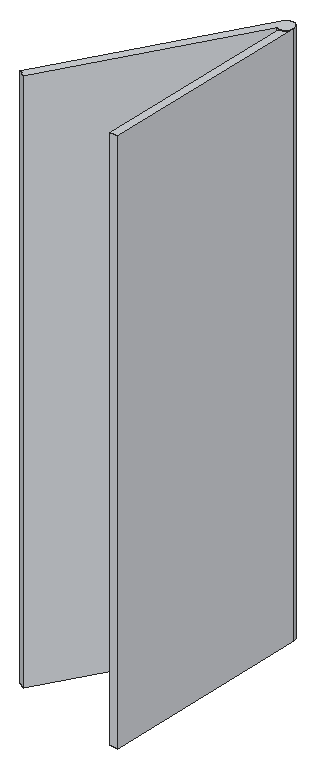
Revit family "BG_DORc_Hinge-Type1", category Doors, Revit 2020
Family settings
  Work Plane-Based = Yes
  Always vertical = Yes
  Cut with Voids When Loaded = No
  Shared = No
  Room Calculation Point = No
Parameters
  Width = 0 mm  # constant formula
  Rough Width = 0 mm  # constant formula
  Rough Height = 0 mm  # constant formula
  Open angle [instance] = 30.00°
  Hinge thickness = 1.5 mm
  Hinge depth = 40 mm
  Height = 100 mm
  Finish = none
  Default Elevation = 1219.2 mm
Reference planes
  plane 1 "Front": y = 0
  plane 2 "Center (Elevation)": z = 0
  plane 3 "Center (Left/Right)": x = 0
  plane 4 "Right": x = 1.5
  plane 5: y = -40
  plane 6: z = 50
  plane 7: z = -50
Forms (mm)
  Extrusion 1, solid, material <- "Finish"
    sketch origin (0, 0, 0) x (0, 1, 0) y (-1, 0, 0)
      loop
        line (0.75, 1.299) -> (-33.891, 21.299) -> (-34.641, 20) -> (0, 0) -> (0.75, 1.299)
    from -50 to 50
  Extrusion 2, solid, material <- "Finish"
    sketch origin (0, 0, 0) x (1, 0, 0) y (0, 1, 0)
      loop
        line (1.5, -40) -> (1.5, 0)
        arc (1.5, 0) -> (1.061, -1.061) -> (0, -1.5) r 1.5
        line (0, -1.5) -> (0, -40) -> (1.5, -40)
    from -50 to 50
  Extrusion 3, solid, material <- "Finish"
    sketch origin (0, 0, 0) x (1, 0, 0) y (0, 1, 0)
      loop
        circle (0, 0) r 1.5
    from -50 to 50
Cuts and joins
  joined: Extrusion 1, Extrusion 3
Lines and regions (mm)
  reference lines
    curve 1: line (0, 0, 0) -> (1.5, 0, 0)
    curve 2: line (0, 0, 0) -> (-20, -34.641, 0)
    curve 3: line (0, 0, 0) -> (-1.299, 0.75, 0)
    curve 4: line (-1.299, 0.75, 0) -> (-21.299, -33.891, 0)
    curve 5: line (-20, -34.641, 0) -> (-21.299, -33.891, 0)
Dimensions and locks
  "Hinge thickness": plane 3 "Center (Left/Right)" to plane 4 "Right"
  "Hinge depth": plane 1 "Front" to plane 5
  equal spacing: plane 6, level, plane 7
  "Height": plane 6 to plane 7
  "Hinge thickness": curve 4 to curve 2
  "Hinge depth": curve 3 to curve 5
  "Hinge thickness": radius of Extrusion 3 sketch curve
  "Hinge thickness": radius of Extrusion 2 sketch curve
  locked: curve 3 to curve 2 (angle 90.00°)
  locked: curve 2 to curve 5 (angle 90.00°)
  "Open angle": angle curve 2 to plane 3 "Center (Left/Right)"
  "Open angle": angle curve 4 to plane 3 "Center (Left/Right)"
  aligned and locked: level to plane 2 "Center (Elevation)"
  aligned and locked: plane 3 "Center (Left/Right)" to curve 1
  aligned and locked: plane 1 "Front" to curve 1
  aligned and locked: Extrusion 2 sketch curve to plane 4 "Right"
  aligned and locked: Extrusion 2 sketch curve to plane 5
  aligned and locked: plane 4 "Right" to curve 1
  aligned and locked: plane 1 "Front" to Extrusion 3 sketch curve
  aligned and locked: plane 3 "Center (Left/Right)" to Extrusion 2 sketch curve  (x2)
  aligned and locked: plane 3 "Center (Left/Right)" to Extrusion 3 sketch curve
  aligned and locked: plane 1 "Front" to Extrusion 2 sketch curve
  aligned and locked: plane 6 to Extrusion 1
  aligned and locked: plane 6 to Extrusion 3
  aligned and locked: plane 6 to Extrusion 2
  aligned and locked: plane 7 to Extrusion 1
  aligned and locked: plane 7 to Extrusion 2
  aligned and locked: plane 7 to Extrusion 3
  aligned and locked: Extrusion 1 sketch curve to curve 4
  aligned and locked: Extrusion 1 sketch curve to curve 2
  aligned and locked: Extrusion 1 sketch curve to curve 5
  aligned and locked: Extrusion 1 sketch curve to curve 3
